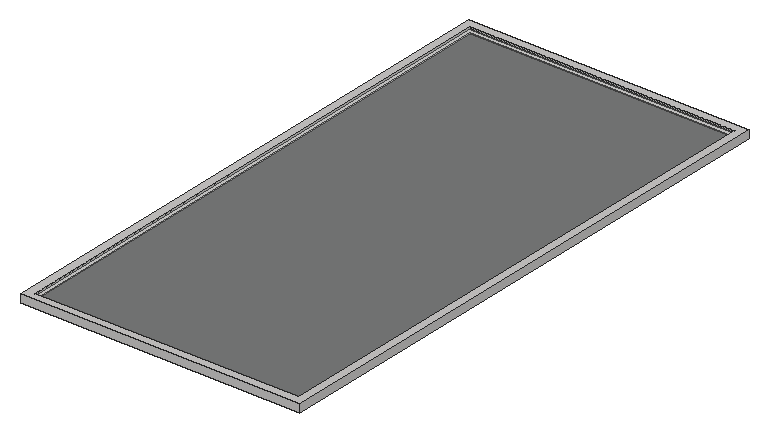
Revit family "rba-bim-b1658", category Specialty Equipment, host Face, Revit 2018
Family settings
  Host = Face
  Round Connector Dimension = Use Diameter
  Part Type = Normal
  OmniClass Number = 23.40.20.21
  OmniClass Title = Toilet and Bath Specialties
  Cut with Voids When Loaded = No
  Shared = Yes
  Room Calculation Point = No
Parameters (values of type "B-1658 1836")
  Width = 0.4572 m
  URL = "www.rba.com.au"
  Product Name = "Glass Mirror with Stainless Steel Angle Frame"
  Modified Issue = "20200514.01"
  Model = "B-1658 Series"
  Manufacturer = "Bobrick Washroom Equipment"
  Height = 0.9144 m
  Glass = 6.0mm Tempered Safety Glass
  Frame Thickness = 0.0127 m
  Frame = #430 Stainless Steel
  Default Elevation = 1.016 m
  Copyright by = "RBA Group"  # constant formula
  Assembly Code = "C1030210"
  ADA Compliant = yes
Types (2, lengths in m): name | Width | Modified Issue | Glass | Frame
  B-1658 1836 | 0.4572 | "20200514.01" | 6.0mm Tempered Safety Glass | #430 Stainless Steel
  B-1658 2436 | 0.6096 | "" | Glass Mirror-Bobrick | none
Reference planes (m)
  plane 1 "Center (Front/Back)": y = 0
  plane 2: z = 0
  plane 3 "Center (Left/Right)": x = 0
  plane 4: y = 0.9017
  plane 5: y = 0.889
  plane 6: y = -0.0127
  plane 7: x = -0.2159
  plane 8: x = -0.2286
  plane 9: x = 0.2159
  plane 10: x = 0.2286
  plane 11: y = 0.896937
  plane 12: x = -0.223837
  plane 13: x = 0.223838
  plane 14: y = -0.007938
  plane 15: z = 0.003175
  plane 16: z = 0.0127
  plane 17: z = 0.009525
Forms (m)
  Sweep 1, solid, material "Stainless Steel-Bobrick-Satin"
    path origin (0, 0, 0) x (1, 0, 0) y (0, 1, 0)
      loop
        line (-0.2286, -0.0127) -> (0.2286, -0.0127) -> (0.2286, 0.9017) -> (-0.2286, 0.9017) -> (-0.2286, -0.0127)
    profile origin (-0.2286, 0.4445, 0) x (-1, 0, 0) y (0, 0, 1)
      loop
        line (-0.0127, 0.0127) -> (-0.0127, 0.009525) -> (-0.004763, 0.009525) -> (-0.004763, 0.003175) -> (-0.0127, 0.003175) -> (-0.0127, 0) -> (0, 0) -> (0, 0.0127) -> (-0.0127, 0.0127)
  Extrusion 2, solid, material "6.0mm Tempered Safety Glass" <- "Glass"
    sketch origin (0, 0, 0) x (1, 0, 0) y (0, 1, 0)
      loop
        line (-0.223837, 0.896937) -> (-0.223837, -0.007938) -> (0.223838, -0.007938) -> (0.223838, 0.896937) -> (-0.223837, 0.896937)
    from 0.003175 to 0.009525
  Extrusion 3, solid, material "Glass Mirror-Bobrick-Background"
    sketch origin (0, 0, 0) x (1, 0, 0) y (0, 1, 0)
      loop
        line (-0.2159, 0.889) -> (-0.2159, 0) -> (0.2159, 0) -> (0.2159, 0.889) -> (-0.2159, 0.889)
    from 0 to 0.003175
Lines and regions (m)
  Masking region 1
    outline origin (0, 0, 0) x (1, 0, 0) y (0, 1, 0)
      loop
        line (-0.2286, 0.9017) -> (-0.2286, -0.0127) -> (0.2286, -0.0127) -> (0.2286, 0.9017) -> (-0.2286, 0.9017)
  Masking region 2
    outline origin (0, 0, 0) x (1, 0, 0) y (0, 0, 1)
      loop
        line (0.2286, 0.0127) -> (-0.2286, 0.0127) -> (-0.2286, 0) -> (0.2286, 0) -> (0.2286, 0.0127)
  Masking region 3
    outline origin (0, 0, 0) x (0, 1, 0) y (0, 0, 1)
      loop
        line (0.9017, 0.0127) -> (-0.0127, 0.0127) -> (-0.0127, 0) -> (0.9017, 0) -> (0.9017, 0.0127)
  symbolic lines
    curve 1: line (0.2286, 0.9017, 0) -> (-0.2286, 0.9017, 0)
    curve 2: line (-0.2286, 0.9017, 0) -> (-0.2286, -0.0127, 0)
    curve 3: line (-0.2286, -0.0127, 0) -> (0.2286, -0.0127, 0)
    curve 4: line (0.2286, -0.0127, 0) -> (0.2286, 0.9017, 0)
    curve 5: line (0.2159, 0.889, 0) -> (0.2159, 0, 0)
    curve 6: line (0.2159, 0, 0) -> (-0.2159, 0, 0)
    curve 7: line (-0.2159, 0, 0) -> (-0.2159, 0.889, 0)
    curve 8: line (-0.2159, 0.889, 0) -> (0.2159, 0.889, 0)
    curve 9: line (0.2286, 0, 0) -> (0.2286, 0, 0.0127)
    curve 10: line (0.2286, 0, 0.0127) -> (-0.2286, 0, 0.0127)
    curve 11: line (-0.2286, 0, 0) -> (0.2286, 0, 0)
    curve 12: line (-0.2286, 0, 0.0127) -> (-0.2286, 0, 0)
    curve 13: line (0, 0.9017, 0.0127) -> (0, -0.0127, 0.0127)
    curve 14: line (0, 0.9017, 0) -> (0, 0.9017, 0.0127)
    curve 15: line (0, -0.0127, 0) -> (0, 0.9017, 0)
    curve 16: line (0, -0.0127, 0.0127) -> (0, -0.0127, 0)
Dimensions and locks (m)
  "Frame Thickness": plane 1 "Center (Front/Back)" to plane 6
  "Frame Thickness": plane 8 to plane 7
  "Frame Thickness": plane 9 to plane 10
  "Frame Thickness": plane 4 to plane 5
  "Height": plane 4 to plane 6
  "Width": plane 8 to plane 10
  equal spacing: plane 8, plane 3 "Center (Left/Right)", plane 10
  locked: plane 4 to plane 11 at 0.004763
  locked: plane 8 to plane 12 at 0.004763
  locked: plane 13 to plane 10 at 0.004763
  locked: plane 14 to plane 6 at 0.004762
  locked: plane 15 to level at 0.003175
  "Frame Thickness": plane 16 to level
  locked: plane 16 to plane 17 at 0.003175
  aligned and locked: plane 2 to host face
  aligned and locked: level to host face
  aligned and locked: plane 8 to Sweep 1 sketch curve  (x2)
  aligned and locked: Sweep 1 sketch curve to plane 4
  aligned and locked: plane 10 to Sweep 1 sketch curve
  aligned and locked: plane 6 to Sweep 1 sketch curve
  aligned and locked: Sweep 1 sketch curve to plane 7  (x2)
  aligned and locked: Sweep 1 sketch curve to plane 16
  aligned and locked: level to Sweep 1 sketch curve
  aligned and locked: Sweep 1 sketch curve to plane 15
  aligned and locked: Sweep 1 sketch curve to plane 12
  aligned and locked: plane 17 to Sweep 1 sketch curve
  aligned and locked: Extrusion 2 sketch curve to Sweep 1  (x4)
  aligned and locked: Extrusion 2 to plane 15
  aligned and locked: plane 17 to Extrusion 2
  aligned and locked: Masking region 1 sketch curve to Sweep 1  (x4)
  aligned and locked: curve 1 to Sweep 1
  aligned and locked: curve 2 to Sweep 1
  aligned and locked: curve 3 to Sweep 1
  aligned and locked: curve 4 to Sweep 1
  aligned and locked: curve 5 to Sweep 1
  aligned and locked: curve 6 to Sweep 1
  aligned and locked: curve 7 to Sweep 1
  aligned and locked: curve 8 to Sweep 1
  aligned and locked: Masking region 2 sketch curve to Sweep 1  (x4)
  aligned and locked: curve 9 to Sweep 1
  aligned and locked: curve 10 to Sweep 1
  aligned and locked: curve 11 to Sweep 1
  aligned and locked: curve 12 to Sweep 1
  aligned and locked: Masking region 3 sketch curve to Sweep 1  (x4)
  aligned and locked: curve 13 to Sweep 1
  aligned and locked: curve 14 to Sweep 1
  aligned and locked: curve 15 to Sweep 1
  aligned and locked: curve 16 to Sweep 1
  aligned and locked: Extrusion 3 sketch curve to Sweep 1  (x4)
  aligned and locked: plane 15 to Extrusion 3
  aligned and locked: Extrusion 3 to level
Automatic sketch dimensions
  host sketch curve to host sketch curve = 2.4384 m  (x2)
